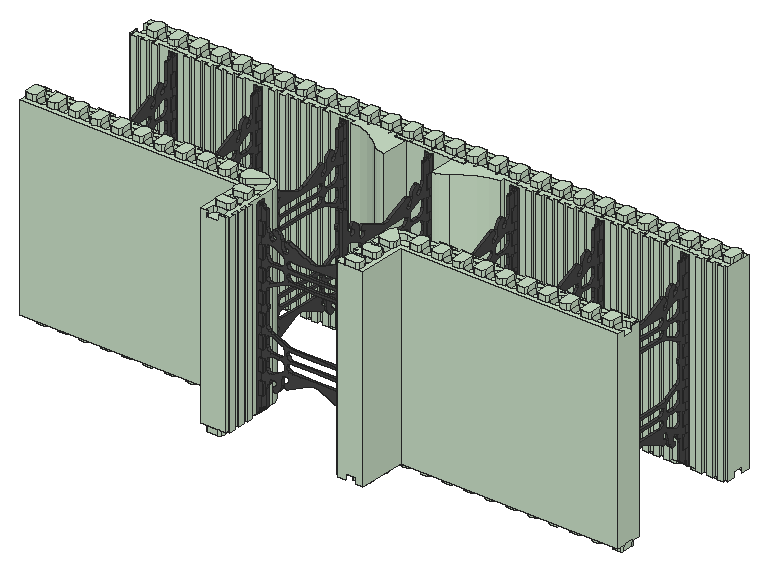
Revit family (continued)
Definition of nested family "NUDURA Diamond Pattern Missing Left Line"
  Lines and regions (in)
    model lines
      curve 120: line (4.17062, -5.625, 6.19822) -> (4.54562, -5.625, 6.57322)
      curve 121: arc (4.54562, -5.625, 6.57322) -> (4.61884, -5.625, 6.75) -> (4.54562, -5.625, 6.92678) r 0.25
      curve 122: line (4.54562, -5.625, 6.92678) -> (4.17062, -5.625, 7.30178)
      curve 123: arc (3.69709, -5.625, 5.85858) -> (3.75567, -5.625, 6) -> (3.69709, -5.625, 6.14142) r 0.2
      curve 124: line (4.634, -5.625, 5.51517) -> (4.29059, -5.625, 5.85858)
      curve 125: arc (4.634, -5.625, 4.98484) -> (4.74384, -5.625, 5.25) -> (4.634, -5.625, 5.51517) r 0.375
      curve 126: line (4.29059, -5.625, 4.64142) -> (4.634, -5.625, 4.98484)
      curve 127: line (3.35367, -5.625, 4.98484) -> (3.69709, -5.625, 4.64142)
      curve 128: arc (3.35367, -5.625, 5.51517) -> (3.24384, -5.625, 5.25) -> (3.35367, -5.625, 4.98484) r 0.375
      curve 129: line (3.69709, -5.625, 5.85858) -> (3.35367, -5.625, 5.51517)
      curve 130: arc (4.17062, -5.625, 5.80178) -> (3.99384, -5.625, 5.875) -> (3.81706, -5.625, 5.80178) r 0.25
      curve 131: line (3.81706, -5.625, 5.80178) -> (3.44206, -5.625, 5.42678)
      curve 132: arc (3.44206, -5.625, 5.42678) -> (3.36884, -5.625, 5.25) -> (3.44206, -5.625, 5.07322) r 0.25
      curve 133: line (3.44206, -5.625, 5.07322) -> (3.81706, -5.625, 4.69822)
      curve 134: arc (3.81706, -5.625, 4.69822) -> (3.99384, -5.625, 4.625) -> (4.17062, -5.625, 4.69822) r 0.25
      curve 135: line (4.17062, -5.625, 4.69822) -> (4.54562, -5.625, 5.07322)
      curve 136: arc (4.54562, -5.625, 5.07322) -> (4.61884, -5.625, 5.25) -> (4.54562, -5.625, 5.42678) r 0.25
      curve 137: line (4.54562, -5.625, 5.42678) -> (4.17062, -5.625, 5.80178)
      curve 138: arc (3.69709, -5.625, 4.35858) -> (3.75567, -5.625, 4.5) -> (3.69709, -5.625, 4.64142) r 0.2
      curve 139: line (4.634, -5.625, 4.01517) -> (4.29059, -5.625, 4.35858)
      curve 140: arc (4.634, -5.625, 3.48484) -> (4.74384, -5.625, 3.75) -> (4.634, -5.625, 4.01517) r 0.375
      curve 141: line (4.29059, -5.625, 3.14142) -> (4.634, -5.625, 3.48484)
      curve 142: line (3.35367, -5.625, 3.48484) -> (3.69709, -5.625, 3.14142)
      curve 143: arc (3.35367, -5.625, 4.01517) -> (3.24384, -5.625, 3.75) -> (3.35367, -5.625, 3.48484) r 0.375
      curve 144: line (3.69709, -5.625, 4.35858) -> (3.35367, -5.625, 4.01517)
      curve 145: arc (4.17062, -5.625, 4.30178) -> (3.99384, -5.625, 4.375) -> (3.81706, -5.625, 4.30178) r 0.25
      curve 146: line (3.81706, -5.625, 4.30178) -> (3.44206, -5.625, 3.92678)
      curve 147: arc (3.44206, -5.625, 3.92678) -> (3.36884, -5.625, 3.75) -> (3.44206, -5.625, 3.57322) r 0.25
      curve 148: line (3.44206, -5.625, 3.57322) -> (3.81706, -5.625, 3.19822)
      curve 149: arc (3.81706, -5.625, 3.19822) -> (3.99384, -5.625, 3.125) -> (4.17062, -5.625, 3.19822) r 0.25
      curve 150: line (4.17062, -5.625, 3.19822) -> (4.54562, -5.625, 3.57322)
      curve 151: arc (4.54562, -5.625, 3.57322) -> (4.61884, -5.625, 3.75) -> (4.54562, -5.625, 3.92678) r 0.25
      curve 152: line (4.54562, -5.625, 3.92678) -> (4.17062, -5.625, 4.30178)
      curve 153: arc (3.69709, -5.625, 2.85858) -> (3.75567, -5.625, 3) -> (3.69709, -5.625, 3.14142) r 0.2
      curve 154: line (4.634, -5.625, 2.51517) -> (4.29059, -5.625, 2.85858)
      curve 155: arc (4.634, -5.625, 1.98484) -> (4.74384, -5.625, 2.25) -> (4.634, -5.625, 2.51517) r 0.375
      curve 156: line (4.29059, -5.625, 1.64142) -> (4.634, -5.625, 1.98484)
      curve 157: line (3.35367, -5.625, 1.98484) -> (3.69709, -5.625, 1.64142)
      curve 158: arc (3.35367, -5.625, 2.51517) -> (3.24384, -5.625, 2.25) -> (3.35367, -5.625, 1.98484) r 0.375
      curve 159: line (3.69709, -5.625, 2.85858) -> (3.35367, -5.625, 2.51517)
      curve 160: arc (4.17062, -5.625, 2.80178) -> (3.99384, -5.625, 2.875) -> (3.81706, -5.625, 2.80178) r 0.25
      curve 161: line (3.81706, -5.625, 2.80178) -> (3.44206, -5.625, 2.42678)
      curve 162: arc (3.44206, -5.625, 2.42678) -> (3.36884, -5.625, 2.25) -> (3.44206, -5.625, 2.07322) r 0.25
      curve 163: line (3.44206, -5.625, 2.07322) -> (3.81706, -5.625, 1.69822)
      curve 164: arc (3.81706, -5.625, 1.69822) -> (3.99384, -5.625, 1.625) -> (4.17062, -5.625, 1.69822) r 0.25
      curve 165: line (4.17062, -5.625, 1.69822) -> (4.54562, -5.625, 2.07322)
      curve 166: arc (4.54562, -5.625, 2.07322) -> (4.61884, -5.625, 2.25) -> (4.54562, -5.625, 2.42678) r 0.25
      curve 167: line (4.54562, -5.625, 2.42678) -> (4.17062, -5.625, 2.80178)
      curve 168: arc (3.69709, -5.625, 1.35858) -> (3.75567, -5.625, 1.5) -> (3.69709, -5.625, 1.64142) r 0.2
      curve 169: line (3.69709, -5.625, 1.35858) -> (3.35367, -5.625, 1.01517)
      curve 170: arc (3.35367, -5.625, 1.01517) -> (3.24384, -5.625, 0.75) -> (3.35367, -5.625, 0.48484) r 0.375
      curve 171: line (3.35367, -5.625, 0.48484) -> (3.72867, -5.625, 0.10984)
      curve 172: arc (3.72867, -5.625, 0.10984) -> (3.99384, -5.625, 0) -> (4.259, -5.625, 0.10984) r 0.375
      curve 173: line (4.259, -5.625, 0.10984) -> (4.634, -5.625, 0.48484)
      curve 174: arc (4.634, -5.625, 0.48484) -> (4.74384, -5.625, 0.75) -> (4.634, -5.625, 1.01517) r 0.375
      curve 175: line (4.634, -5.625, 1.01517) -> (4.29059, -5.625, 1.35858)
      curve 176: arc (4.29059, -5.625, 1.64142) -> (4.23201, -5.625, 1.5) -> (4.29059, -5.625, 1.35858) r 0.2
      curve 177: arc (4.17062, -5.625, 1.30178) -> (3.99384, -5.625, 1.375) -> (3.81706, -5.625, 1.30178) r 0.25
      curve 178: line (4.54562, -5.625, 0.92678) -> (4.17062, -5.625, 1.30178)
      curve 179: arc (4.54562, -5.625, 0.57322) -> (4.61884, -5.625, 0.75) -> (4.54562, -5.625, 0.92678) r 0.25
      curve 180: line (4.17062, -5.625, 0.19822) -> (4.54562, -5.625, 0.57322)
      curve 181: arc (3.81706, -5.625, 0.19822) -> (3.99384, -5.625, 0.125) -> (4.17062, -5.625, 0.19822) r 0.25
      curve 182: line (3.44206, -5.625, 0.57322) -> (3.81706, -5.625, 0.19822)
      curve 183: arc (3.44206, -5.625, 0.92678) -> (3.36884, -5.625, 0.75) -> (3.44206, -5.625, 0.57322) r 0.25
      curve 184: line (3.81706, -5.625, 1.30178) -> (3.44206, -5.625, 0.92678)
      curve 185: arc (4.29059, -5.625, 3.14142) -> (4.23201, -5.625, 3) -> (4.29059, -5.625, 2.85858) r 0.2
      curve 186: arc (4.29059, -5.625, 4.64142) -> (4.23201, -5.625, 4.5) -> (4.29059, -5.625, 4.35858) r 0.2
      curve 187: arc (4.29059, -5.625, 6.14142) -> (4.23201, -5.625, 6) -> (4.29059, -5.625, 5.85858) r 0.2
      curve 188: arc (4.29059, -5.625, 7.64142) -> (4.23201, -5.625, 7.5) -> (4.29059, -5.625, 7.35858) r 0.2
      curve 189: arc (4.29059, -5.625, 9.14142) -> (4.23201, -5.625, 9) -> (4.29059, -5.625, 8.85858) r 0.2
      curve 190: arc (4.29059, -5.625, 10.64142) -> (4.23201, -5.625, 10.5) -> (4.29059, -5.625, 10.35858) r 0.2
      curve 191: arc (4.29059, -5.625, 12.14142) -> (4.23201, -5.625, 12) -> (4.29059, -5.625, 11.85858) r 0.2
      curve 192: arc (4.29059, -5.625, 13.64142) -> (4.23201, -5.625, 13.5) -> (4.29059, -5.625, 13.35858) r 0.2
      curve 193: arc (4.29059, -5.625, 15.14142) -> (4.23201, -5.625, 15) -> (4.29059, -5.625, 14.85858) r 0.2
      curve 194: arc (4.29059, -5.625, 16.64142) -> (4.23201, -5.625, 16.5) -> (4.29059, -5.625, 16.35858) r 0.2
